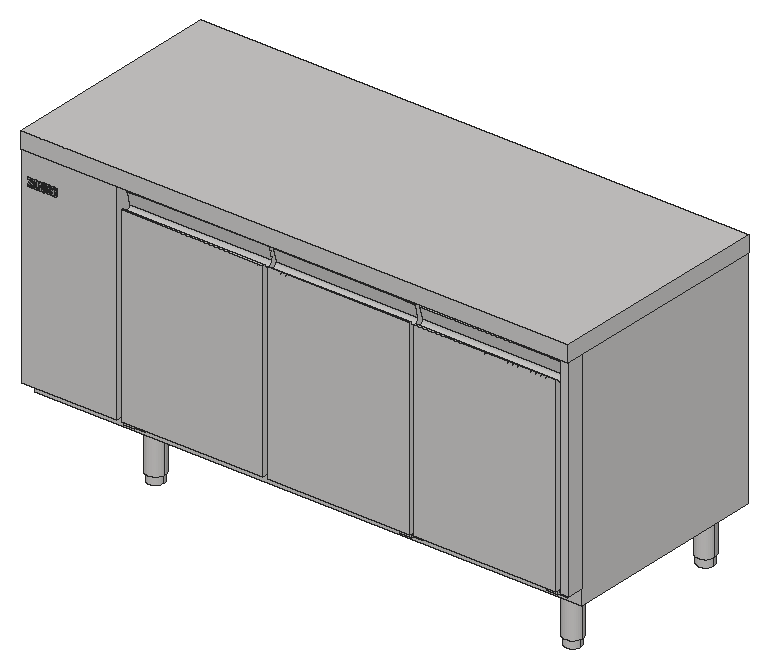
Revit family "QF_ZANUSSI_111113_ZK3HBAAA", category Attrezzature speciali, Revit 2018 (continued)
Definition of nested family "HPC_ZAN_BI_TN_L"
  Lines and regions (mm)
    Split face 119
      outline origin (110, -951.3, 50) x (1, 0, 0) y (0, 1, 0)
        loop
          line (-218.464, 599.474) -> (-176.464, 599.474)
          arc (-176.464, 599.474) -> (-172.464, 603.474) -> (-176.464, 607.474) r 4
          line (-176.464, 607.474) -> (-218.464, 607.474)
    Split face 120
      outline origin (220, -951.3, 50) x (1, 0, 0) y (0, 1, 0)
        loop
          arc (-273.464, 607.474) -> (-277.464, 603.474) -> (-273.464, 599.474) r 4
          line (-273.464, 599.474) -> (-231.464, 599.474)
          arc (-231.464, 599.474) -> (-227.464, 603.474) -> (-231.464, 607.474) r 4
          line (-231.464, 607.474) -> (-273.464, 607.474)
    Split face 121
      outline origin (0, -975.3, 50) x (1, 0, 0) y (0, 1, 0)
        loop
          arc (-163.464, 619.474) -> (-167.464, 615.474) -> (-163.464, 611.474) r 4
          line (-163.464, 611.474) -> (-121.464, 611.474)
          arc (-121.464, 611.474) -> (-117.464, 615.474) -> (-121.464, 619.474) r 4
          line (-121.464, 619.474) -> (-163.464, 619.474)
    Split face 122
      outline origin (330, -975.3, 50) x (1, 0, 0) y (0, 1, 0)
        loop
          arc (-328.464, 619.474) -> (-332.464, 615.474) -> (-328.464, 611.474) r 4
          line (-328.464, 611.474) -> (-286.464, 611.474)
          arc (-286.464, 611.474) -> (-282.464, 615.474) -> (-286.464, 619.474) r 4
          line (-286.464, 619.474) -> (-328.464, 619.474)
    Split face 123
      outline origin (110, -975.3, 50) x (1, 0, 0) y (0, 1, 0)
        loop
          arc (-218.464, 619.474) -> (-222.464, 615.474) -> (-218.464, 611.474) r 4
          line (-218.464, 611.474) -> (-176.464, 611.474)
          arc (-176.464, 611.474) -> (-172.464, 615.474) -> (-176.464, 619.474) r 4
          line (-176.464, 619.474) -> (-218.464, 619.474)
    Split face 124
      outline origin (220, -975.3, 50) x (1, 0, 0) y (0, 1, 0)
        loop
          arc (-273.464, 619.474) -> (-277.464, 615.474) -> (-273.464, 611.474) r 4
          line (-273.464, 611.474) -> (-231.464, 611.474)
          arc (-231.464, 611.474) -> (-227.464, 615.474) -> (-231.464, 619.474) r 4
          line (-231.464, 619.474) -> (-273.464, 619.474)
    Split face 125
      outline origin (0, -999.3, 50) x (1, 0, 0) y (0, 1, 0)
        loop
          arc (-163.464, 631.474) -> (-167.464, 627.474) -> (-163.464, 623.474) r 4
          line (-163.464, 623.474) -> (-121.464, 623.474)
          arc (-121.464, 623.474) -> (-117.464, 627.474) -> (-121.464, 631.474) r 4
          line (-121.464, 631.474) -> (-163.464, 631.474)
    Split face 126
      outline origin (330, -999.3, 50) x (1, 0, 0) y (0, 1, 0)
        loop
          arc (-328.464, 631.474) -> (-332.464, 627.474) -> (-328.464, 623.474) r 4
          line (-328.464, 623.474) -> (-286.464, 623.474)
          arc (-286.464, 623.474) -> (-282.464, 627.474) -> (-286.464, 631.474) r 4
          line (-286.464, 631.474) -> (-328.464, 631.474)
    Split face 127
      outline origin (110, -999.3, 50) x (1, 0, 0) y (0, 1, 0)
        loop
          arc (-218.464, 631.474) -> (-222.464, 627.474) -> (-218.464, 623.474) r 4
          line (-218.464, 623.474) -> (-176.464, 623.474)
          arc (-176.464, 623.474) -> (-172.464, 627.474) -> (-176.464, 631.474) r 4
          line (-176.464, 631.474) -> (-218.464, 631.474)
    Split face 128
      outline origin (220, -999.3, 50) x (1, 0, 0) y (0, 1, 0)
        loop
          arc (-273.464, 631.474) -> (-277.464, 627.474) -> (-273.464, 623.474) r 4
          line (-273.464, 623.474) -> (-231.464, 623.474)
          arc (-231.464, 623.474) -> (-227.464, 627.474) -> (-231.464, 631.474) r 4
          line (-231.464, 631.474) -> (-273.464, 631.474)
    Split face 129
      outline origin (0, -1023.3, 50) x (1, 0, 0) y (0, 1, 0)
        loop
          arc (-163.464, 643.474) -> (-167.464, 639.474) -> (-163.464, 635.474) r 4
          line (-163.464, 635.474) -> (-121.464, 635.474)
          arc (-121.464, 635.474) -> (-117.464, 639.474) -> (-121.464, 643.474) r 4
          line (-121.464, 643.474) -> (-163.464, 643.474)
    Split face 130
      outline origin (330, -1023.3, 50) x (1, 0, 0) y (0, 1, 0)
        loop
          arc (-328.464, 643.474) -> (-332.464, 639.474) -> (-328.464, 635.474) r 4
          line (-328.464, 635.474) -> (-286.464, 635.474)
          arc (-286.464, 635.474) -> (-282.464, 639.474) -> (-286.464, 643.474) r 4
          line (-286.464, 643.474) -> (-328.464, 643.474)
    Split face 131
      outline origin (110, -1023.3, 50) x (1, 0, 0) y (0, 1, 0)
        loop
          arc (-218.464, 643.474) -> (-222.464, 639.474) -> (-218.464, 635.474) r 4
          line (-218.464, 635.474) -> (-176.464, 635.474)
          arc (-176.464, 635.474) -> (-172.464, 639.474) -> (-176.464, 643.474) r 4
          line (-176.464, 643.474) -> (-218.464, 643.474)
    Split face 132
      outline origin (220, -1023.3, 50) x (1, 0, 0) y (0, 1, 0)
        loop
          arc (-273.464, 643.474) -> (-277.464, 639.474) -> (-273.464, 635.474) r 4
          line (-273.464, 635.474) -> (-231.464, 635.474)
          arc (-231.464, 635.474) -> (-227.464, 639.474) -> (-231.464, 643.474) r 4
          line (-231.464, 643.474) -> (-273.464, 643.474)
    Split face 133
      outline origin (0, 0, 50) x (1, 0, 0) y (0, 1, 0)
        loop
          arc (-110.805, 143) -> (-91.516, 151.543) -> (-75.866, 165.689) r 66.613
          arc (-75.866, 165.689) -> (-71.555, 176.578) -> (-74.139, 188) r 19.83
    Split face 134
      outline origin (0, 0, 50) x (1, 0, 0) y (0, 1, 0)
        loop
          arc (-98.775, 143) -> (-84.812, 152.003) -> (-73.538, 164.208) r 66.007
          arc (-73.538, 164.208) -> (-69.563, 175.991) -> (-72.794, 188) r 21.447
    Split face 135
      outline origin (0, 0, 50) x (1, 0, 0) y (0, 1, 0)
        loop
          line (41.58, 174) -> (41.58, 166.5) -> (49.08, 166.5) -> (49.08, 174) -> (41.58, 174)
    Split face 136
      outline origin (0, 0, 50) x (1, 0, 0) y (0, 1, 0)
        loop
          line (32.08, 174) -> (32.08, 166.5) -> (39.58, 166.5) -> (39.58, 174) -> (32.08, 174)
    Split face 137
      outline origin (0, 0, 50) x (1, 0, 0) y (0, 1, 0)
        loop
          line (32.08, 164.5) -> (32.08, 157) -> (39.58, 157) -> (39.58, 164.5) -> (32.08, 164.5)
    Split face 138
      outline origin (9.5, 0, 50) x (1, 0, 0) y (0, 1, 0)
        loop
          line (32.08, 164.5) -> (32.08, 157) -> (39.58, 157) -> (39.58, 164.5) -> (32.08, 164.5)
    Split face 139
      outline origin (0, 0, 50) x (1, 0, 0) y (0, 1, 0)
        loop
          line (-14.92, 174) -> (-14.92, 157) -> (25.08, 157) -> (25.08, 174) -> (-14.92, 174)
    symbolic lines
      curve 1: line (87.08, -74, 50) -> (87.08, -74, 0)
  Dimensions and locks
    equal spacing: plane 6, plane 1 "Center (Front/Back)", plane 7
    equal spacing: plane 4, plane 3 "Center (Left/Right)", plane 5
    aligned and locked: plane 2 to Extrusion 1
    aligned and locked: level to Extrusion 1
  Automatic sketch dimensions
    Split face 7 sketch curve to Split face 7 sketch curve = 42 mm
    Split face 7 sketch curve to Split face 7 sketch curve = 4 mm
    Extrusion 1 sketch curve to Extrusion 1 sketch curve = 2438.4 mm  (x2)
    Extrusion 2 sketch curve to plane 4 = 0 mm
    Extrusion 2 sketch curve to plane 5 = 0 mm
    Extrusion 2 sketch curve to plane 7 = 0 mm
    Extrusion 2 sketch curve to plane 6 = 0 mm
    Split face 1 sketch curve to Extrusion 2 = 105 mm
    Split face 1 sketch curve to Extrusion 2 = 35 mm
    Split face 1 sketch curve to Extrusion 2 = 98 mm
    Split face 1 sketch curve to Split face 1 sketch curve = 23 mm
    Split face 2 sketch curve to Extrusion 2 = 0 mm  (x2)
    Split face 2 sketch curve to Extrusion 2 = 64 mm
    Split face 3 sketch curve to Extrusion 2 = 43.456 mm
    Split face 3 sketch curve to Split face 3 sketch curve = 42 mm
    Split face 3 sketch curve to Extrusion 2 = 128.176 mm
    Split face 3 sketch curve to Split face 3 sketch curve = 4 mm
    Split face 4 sketch curve to Extrusion 2 = 85.544 mm
    Split face 4 sketch curve to Split face 4 sketch curve = 42 mm
    Split face 4 sketch curve to Extrusion 2 = 128.176 mm
    Split face 4 sketch curve to Split face 4 sketch curve = 4 mm
    Split face 5 sketch curve to Extrusion 2 = 98.456 mm
    Split face 5 sketch curve to Split face 5 sketch curve = 42 mm
    Split face 5 sketch curve to Extrusion 2 = 128.176 mm
    Split face 5 sketch curve to Split face 5 sketch curve = 4 mm
    Split face 6 sketch curve to Extrusion 2 = 140.544 mm
    Split face 6 sketch curve to Split face 6 sketch curve = 42 mm
    Split face 6 sketch curve to Extrusion 2 = 128.176 mm
    Split face 6 sketch curve to Split face 6 sketch curve = 4 mm
    Extrusion 3 sketch curve to Extrusion 3 sketch curve = 294 mm
    Extrusion 3 sketch curve to Extrusion 3 sketch curve = 652 mm
    Split face 8 sketch curve to Extrusion 2 = 43.456 mm
    Split face 8 sketch curve to Split face 8 sketch curve = 42 mm
    Split face 8 sketch curve to Extrusion 2 = 140.176 mm
    Split face 8 sketch curve to Split face 8 sketch curve = 4 mm
    Split face 9 sketch curve to Extrusion 2 = 85.544 mm
    Split face 9 sketch curve to Split face 9 sketch curve = 42 mm
    Split face 9 sketch curve to Extrusion 2 = 140.176 mm
    Split face 9 sketch curve to Split face 9 sketch curve = 4 mm
    Split face 10 sketch curve to Extrusion 2 = 98.456 mm
    Split face 10 sketch curve to Split face 10 sketch curve = 42 mm
    Split face 10 sketch curve to Extrusion 2 = 140.176 mm
    Split face 10 sketch curve to Split face 10 sketch curve = 4 mm
    Split face 11 sketch curve to Extrusion 2 = 140.544 mm
    Split face 11 sketch curve to Split face 11 sketch curve = 42 mm
    Split face 11 sketch curve to Extrusion 2 = 140.176 mm
    Split face 11 sketch curve to Split face 11 sketch curve = 4 mm
    Split face 12 sketch curve to Extrusion 2 = 43.456 mm
    Split face 12 sketch curve to Split face 12 sketch curve = 42 mm
    Split face 12 sketch curve to Extrusion 2 = 152.176 mm
    Split face 12 sketch curve to Split face 12 sketch curve = 4 mm
    Split face 13 sketch curve to Extrusion 2 = 85.544 mm
    Split face 13 sketch curve to Split face 13 sketch curve = 42 mm
    Split face 13 sketch curve to Extrusion 2 = 152.176 mm
    Split face 13 sketch curve to Split face 13 sketch curve = 4 mm
    Split face 14 sketch curve to Extrusion 2 = 98.456 mm
    Split face 14 sketch curve to Split face 14 sketch curve = 42 mm
    Split face 14 sketch curve to Extrusion 2 = 152.176 mm
    Split face 14 sketch curve to Split face 14 sketch curve = 4 mm
    Split face 15 sketch curve to Extrusion 2 = 140.544 mm
    Split face 15 sketch curve to Split face 15 sketch curve = 42 mm
    Split face 15 sketch curve to Extrusion 2 = 152.176 mm
    Split face 15 sketch curve to Split face 15 sketch curve = 4 mm
    Split face 16 sketch curve to Extrusion 2 = 43.456 mm
    Split face 16 sketch curve to Split face 16 sketch curve = 42 mm
    Split face 16 sketch curve to Extrusion 2 = 164.176 mm
    Split face 16 sketch curve to Split face 16 sketch curve = 4 mm
    Split face 17 sketch curve to Extrusion 2 = 85.544 mm
    Split face 17 sketch curve to Split face 17 sketch curve = 42 mm
    Split face 17 sketch curve to Extrusion 2 = 164.176 mm
    Split face 17 sketch curve to Split face 17 sketch curve = 4 mm
    Split face 18 sketch curve to Extrusion 2 = 98.456 mm
    Split face 18 sketch curve to Split face 18 sketch curve = 42 mm
    Split face 18 sketch curve to Extrusion 2 = 164.176 mm
    Split face 18 sketch curve to Split face 18 sketch curve = 4 mm
    Split face 19 sketch curve to Extrusion 2 = 140.544 mm
    Split face 19 sketch curve to Split face 19 sketch curve = 42 mm
    Split face 19 sketch curve to Extrusion 2 = 164.176 mm
    Split face 19 sketch curve to Split face 19 sketch curve = 4 mm
    Split face 20 sketch curve to Extrusion 2 = 43.456 mm
    Split face 20 sketch curve to Split face 20 sketch curve = 42 mm
    Split face 20 sketch curve to Extrusion 2 = 176.176 mm
    Split face 20 sketch curve to Split face 20 sketch curve = 4 mm
    Split face 21 sketch curve to Extrusion 2 = 85.544 mm
    Split face 21 sketch curve to Split face 21 sketch curve = 42 mm
    Split face 21 sketch curve to Extrusion 2 = 176.176 mm
    Split face 21 sketch curve to Split face 21 sketch curve = 4 mm
    Split face 22 sketch curve to Extrusion 2 = 98.456 mm
    Split face 22 sketch curve to Split face 22 sketch curve = 42 mm
    Split face 22 sketch curve to Extrusion 2 = 176.176 mm
    Split face 22 sketch curve to Split face 22 sketch curve = 4 mm
    Split face 23 sketch curve to Extrusion 2 = 140.544 mm
    Split face 23 sketch curve to Split face 23 sketch curve = 42 mm
    Split face 23 sketch curve to Extrusion 2 = 176.176 mm
    Split face 23 sketch curve to Split face 23 sketch curve = 4 mm
    Split face 24 sketch curve to Extrusion 2 = 43.456 mm
    Split face 24 sketch curve to Split face 24 sketch curve = 42 mm
    Split face 24 sketch curve to Extrusion 2 = 188.176 mm
    Split face 24 sketch curve to Split face 24 sketch curve = 4 mm
    Split face 25 sketch curve to Extrusion 2 = 85.544 mm
    Split face 25 sketch curve to Split face 25 sketch curve = 42 mm
    Split face 25 sketch curve to Extrusion 2 = 188.176 mm
    Split face 25 sketch curve to Split face 25 sketch curve = 4 mm
    Split face 26 sketch curve to Extrusion 2 = 98.456 mm
    Split face 26 sketch curve to Split face 26 sketch curve = 42 mm
    Split face 26 sketch curve to Extrusion 2 = 188.176 mm
    Split face 26 sketch curve to Split face 26 sketch curve = 4 mm
    Split face 27 sketch curve to Extrusion 2 = 140.544 mm
    Split face 27 sketch curve to Split face 27 sketch curve = 42 mm
    Split face 27 sketch curve to Extrusion 2 = 188.176 mm
    Split face 27 sketch curve to Split face 27 sketch curve = 4 mm
    Split face 28 sketch curve to Extrusion 2 = 43.456 mm
    Split face 28 sketch curve to Split face 28 sketch curve = 42 mm
    Split face 28 sketch curve to Extrusion 2 = 200.176 mm
    Split face 28 sketch curve to Split face 28 sketch curve = 4 mm
    Split face 29 sketch curve to Extrusion 2 = 85.544 mm
    Split face 29 sketch curve to Split face 29 sketch curve = 42 mm
    Split face 29 sketch curve to Extrusion 2 = 200.176 mm
    Split face 29 sketch curve to Split face 29 sketch curve = 4 mm
    Split face 30 sketch curve to Extrusion 2 = 98.456 mm
    Split face 30 sketch curve to Split face 30 sketch curve = 42 mm
    Split face 30 sketch curve to Extrusion 2 = 200.176 mm
    Split face 30 sketch curve to Split face 30 sketch curve = 4 mm
    Split face 31 sketch curve to Extrusion 2 = 140.544 mm
    Split face 31 sketch curve to Split face 31 sketch curve = 42 mm
    Split face 31 sketch curve to Extrusion 2 = 200.176 mm
    Split face 31 sketch curve to Split face 31 sketch curve = 4 mm
    Split face 32 sketch curve to Extrusion 2 = 43.456 mm
    Split face 32 sketch curve to Split face 32 sketch curve = 42 mm
    Split face 32 sketch curve to Extrusion 2 = 212.176 mm
    Split face 32 sketch curve to Split face 32 sketch curve = 4 mm
    Split face 33 sketch curve to Extrusion 2 = 85.544 mm
    Split face 33 sketch curve to Split face 33 sketch curve = 42 mm
    Split face 33 sketch curve to Extrusion 2 = 212.176 mm
    Split face 33 sketch curve to Split face 33 sketch curve = 4 mm
    Split face 34 sketch curve to Extrusion 2 = 98.456 mm
    Split face 34 sketch curve to Split face 34 sketch curve = 42 mm
    Split face 34 sketch curve to Extrusion 2 = 212.176 mm
    Split face 34 sketch curve to Split face 34 sketch curve = 4 mm
    Split face 35 sketch curve to Extrusion 2 = 140.544 mm
    Split face 35 sketch curve to Split face 35 sketch curve = 42 mm
    Split face 35 sketch curve to Extrusion 2 = 212.176 mm
    Split face 35 sketch curve to Split face 35 sketch curve = 4 mm
    Split face 36 sketch curve to Extrusion 2 = 43.456 mm
    Split face 36 sketch curve to Split face 36 sketch curve = 42 mm
    Split face 36 sketch curve to Extrusion 2 = 224.176 mm
    Split face 36 sketch curve to Split face 36 sketch curve = 4 mm
    Split face 37 sketch curve to Extrusion 2 = 85.544 mm
    Split face 37 sketch curve to Split face 37 sketch curve = 42 mm
    Split face 37 sketch curve to Extrusion 2 = 224.176 mm
    Split face 37 sketch curve to Split face 37 sketch curve = 4 mm
    Split face 38 sketch curve to Extrusion 2 = 98.456 mm
    Split face 38 sketch curve to Split face 38 sketch curve = 42 mm
    Split face 38 sketch curve to Extrusion 2 = 224.176 mm
    Split face 38 sketch curve to Split face 38 sketch curve = 4 mm
    Split face 39 sketch curve to Extrusion 2 = 140.544 mm
    Split face 39 sketch curve to Split face 39 sketch curve = 42 mm
    Split face 39 sketch curve to Extrusion 2 = 224.176 mm
    Split face 39 sketch curve to Split face 39 sketch curve = 4 mm
    Split face 40 sketch curve to Extrusion 2 = 43.456 mm
    Split face 40 sketch curve to Split face 40 sketch curve = 42 mm
    Split face 40 sketch curve to Extrusion 2 = 236.176 mm
    Split face 40 sketch curve to Split face 40 sketch curve = 4 mm
    Split face 41 sketch curve to Extrusion 2 = 85.544 mm
    Split face 41 sketch curve to Split face 41 sketch curve = 42 mm
    Split face 41 sketch curve to Extrusion 2 = 236.176 mm
    Split face 41 sketch curve to Split face 41 sketch curve = 4 mm
    Split face 42 sketch curve to Extrusion 2 = 98.456 mm
    Split face 42 sketch curve to Split face 42 sketch curve = 42 mm
    Split face 42 sketch curve to Extrusion 2 = 236.176 mm
    Split face 42 sketch curve to Split face 42 sketch curve = 4 mm
    Split face 43 sketch curve to Extrusion 2 = 140.544 mm
    Split face 43 sketch curve to Split face 43 sketch curve = 42 mm
    Split face 43 sketch curve to Extrusion 2 = 236.176 mm
    Split face 43 sketch curve to Split face 43 sketch curve = 4 mm
    Split face 44 sketch curve to Extrusion 2 = 43.456 mm
    Split face 44 sketch curve to Split face 44 sketch curve = 42 mm
    Split face 44 sketch curve to Extrusion 2 = 248.176 mm
    Split face 44 sketch curve to Split face 44 sketch curve = 4 mm
    Split face 45 sketch curve to Extrusion 2 = 85.544 mm
    Split face 45 sketch curve to Split face 45 sketch curve = 42 mm
    Split face 45 sketch curve to Extrusion 2 = 248.176 mm
    Split face 45 sketch curve to Split face 45 sketch curve = 4 mm
    Split face 46 sketch curve to Extrusion 2 = 98.456 mm
    Split face 46 sketch curve to Split face 46 sketch curve = 42 mm
    Split face 46 sketch curve to Extrusion 2 = 248.176 mm
    Split face 46 sketch curve to Split face 46 sketch curve = 4 mm
    Split face 47 sketch curve to Extrusion 2 = 140.544 mm
    Split face 47 sketch curve to Split face 47 sketch curve = 42 mm
    Split face 47 sketch curve to Extrusion 2 = 248.176 mm
    Split face 47 sketch curve to Split face 47 sketch curve = 4 mm
    Split face 48 sketch curve to Extrusion 2 = 43.456 mm
    Split face 48 sketch curve to Split face 48 sketch curve = 42 mm
    Split face 48 sketch curve to Extrusion 2 = 260.176 mm
    Split face 48 sketch curve to Split face 48 sketch curve = 4 mm
    Split face 49 sketch curve to Extrusion 2 = 85.544 mm
    Split face 49 sketch curve to Split face 49 sketch curve = 42 mm
    Split face 49 sketch curve to Extrusion 2 = 260.176 mm
    Split face 49 sketch curve to Split face 49 sketch curve = 4 mm
    Split face 50 sketch curve to Extrusion 2 = 98.456 mm
    Split face 50 sketch curve to Split face 50 sketch curve = 42 mm
    Split face 50 sketch curve to Extrusion 2 = 260.176 mm
    Split face 50 sketch curve to Split face 50 sketch curve = 4 mm
    Split face 51 sketch curve to Extrusion 2 = 140.544 mm
    Split face 51 sketch curve to Split face 51 sketch curve = 42 mm
    Split face 51 sketch curve to Extrusion 2 = 260.176 mm
    Split face 51 sketch curve to Split face 51 sketch curve = 4 mm
    Split face 52 sketch curve to Extrusion 2 = 43.456 mm
    Split face 52 sketch curve to Split face 52 sketch curve = 42 mm
    Split face 52 sketch curve to Extrusion 2 = 272.176 mm
    Split face 52 sketch curve to Split face 52 sketch curve = 4 mm
    Split face 53 sketch curve to Extrusion 2 = 85.544 mm
    Split face 53 sketch curve to Split face 53 sketch curve = 42 mm
    Split face 53 sketch curve to Extrusion 2 = 272.176 mm
    Split face 53 sketch curve to Split face 53 sketch curve = 4 mm
    Split face 54 sketch curve to Extrusion 2 = 98.456 mm
    Split face 54 sketch curve to Split face 54 sketch curve = 42 mm
    Split face 54 sketch curve to Extrusion 2 = 272.176 mm
    Split face 54 sketch curve to Split face 54 sketch curve = 4 mm
    Split face 55 sketch curve to Extrusion 2 = 140.544 mm
    Split face 55 sketch curve to Split face 55 sketch curve = 42 mm
    Split face 55 sketch curve to Extrusion 2 = 272.176 mm
    Split face 55 sketch curve to Split face 55 sketch curve = 4 mm
    Split face 56 sketch curve to Extrusion 2 = 43.456 mm
    Split face 56 sketch curve to Split face 56 sketch curve = 42 mm
    Split face 56 sketch curve to Extrusion 2 = 284.176 mm
    Split face 56 sketch curve to Split face 56 sketch curve = 4 mm
    Split face 57 sketch curve to Extrusion 2 = 85.544 mm
    Split face 57 sketch curve to Split face 57 sketch curve = 42 mm
    Split face 57 sketch curve to Extrusion 2 = 284.176 mm
    Split face 57 sketch curve to Split face 57 sketch curve = 4 mm
    Split face 58 sketch curve to Extrusion 2 = 98.456 mm
    Split face 58 sketch curve to Split face 58 sketch curve = 42 mm
    Split face 58 sketch curve to Extrusion 2 = 284.176 mm
    Split face 58 sketch curve to Split face 58 sketch curve = 4 mm
    Split face 59 sketch curve to Extrusion 2 = 140.544 mm
    Split face 59 sketch curve to Split face 59 sketch curve = 42 mm
    Split face 59 sketch curve to Extrusion 2 = 284.176 mm
    Split face 59 sketch curve to Split face 59 sketch curve = 4 mm
    Split face 60 sketch curve to Extrusion 2 = 43.456 mm
    Split face 60 sketch curve to Split face 60 sketch curve = 42 mm
    Split face 60 sketch curve to Extrusion 2 = 296.176 mm
    Split face 60 sketch curve to Split face 60 sketch curve = 4 mm
    Split face 61 sketch curve to Extrusion 2 = 85.544 mm
    Split face 61 sketch curve to Split face 61 sketch curve = 42 mm
    Split face 61 sketch curve to Extrusion 2 = 296.176 mm
    Split face 61 sketch curve to Split face 61 sketch curve = 4 mm
    Split face 62 sketch curve to Extrusion 2 = 98.456 mm
    Split face 62 sketch curve to Split face 62 sketch curve = 42 mm
    Split face 62 sketch curve to Extrusion 2 = 296.176 mm
    Split face 62 sketch curve to Split face 62 sketch curve = 4 mm
    Split face 63 sketch curve to Extrusion 2 = 140.544 mm
    Split face 63 sketch curve to Split face 63 sketch curve = 42 mm
    Split face 63 sketch curve to Extrusion 2 = 296.176 mm
    Split face 63 sketch curve to Split face 63 sketch curve = 4 mm
    Split face 64 sketch curve to Extrusion 2 = 43.456 mm
    Split face 64 sketch curve to Split face 64 sketch curve = 42 mm
    Split face 64 sketch curve to Extrusion 2 = 308.176 mm
    Split face 64 sketch curve to Split face 64 sketch curve = 4 mm
    Split face 65 sketch curve to Extrusion 2 = 85.544 mm
    Split face 65 sketch curve to Split face 65 sketch curve = 42 mm
    Split face 65 sketch curve to Extrusion 2 = 308.176 mm
    Split face 65 sketch curve to Split face 65 sketch curve = 4 mm
    Split face 66 sketch curve to Extrusion 2 = 98.456 mm
    Split face 66 sketch curve to Split face 66 sketch curve = 42 mm
    Split face 66 sketch curve to Extrusion 2 = 308.176 mm
    Split face 66 sketch curve to Split face 66 sketch curve = 4 mm
    Split face 67 sketch curve to Extrusion 2 = 140.544 mm
    Split face 67 sketch curve to Split face 67 sketch curve = 42 mm
    Split face 67 sketch curve to Extrusion 2 = 308.176 mm
    Split face 67 sketch curve to Split face 67 sketch curve = 4 mm
    Split face 68 sketch curve to Extrusion 2 = 0 mm  (x2)
    Split face 68 sketch curve to Extrusion 2 = 109 mm
    Split face 69 sketch curve to Extrusion 2 = 43.456 mm
    Split face 69 sketch curve to Split face 69 sketch curve = 42 mm
    Split face 69 sketch curve to Extrusion 2 = 192.174 mm
    Split face 69 sketch curve to Split face 69 sketch curve = 4 mm
    Split face 70 sketch curve to Extrusion 2 = 85.544 mm
    Split face 70 sketch curve to Split face 70 sketch curve = 42 mm
    Split face 70 sketch curve to Extrusion 2 = 192.174 mm
    Split face 70 sketch curve to Split face 70 sketch curve = 4 mm
    Split face 71 sketch curve to Extrusion 2 = 98.456 mm
    Split face 71 sketch curve to Split face 71 sketch curve = 42 mm
    Split face 71 sketch curve to Extrusion 2 = 192.174 mm
    Split face 71 sketch curve to Split face 71 sketch curve = 4 mm
    Split face 72 sketch curve to Extrusion 2 = 140.544 mm
    Split face 72 sketch curve to Split face 72 sketch curve = 42 mm
    Split face 72 sketch curve to Extrusion 2 = 192.174 mm
    Split face 72 sketch curve to Split face 72 sketch curve = 4 mm
    Split face 73 sketch curve to Extrusion 2 = 43.456 mm
    Split face 73 sketch curve to Split face 73 sketch curve = 42 mm
    Split face 73 sketch curve to Extrusion 2 = 180.174 mm
    Split face 73 sketch curve to Split face 73 sketch curve = 4 mm
    Split face 74 sketch curve to Extrusion 2 = 85.544 mm
    Split face 74 sketch curve to Split face 74 sketch curve = 42 mm
    Split face 74 sketch curve to Extrusion 2 = 180.174 mm
    Split face 74 sketch curve to Split face 74 sketch curve = 4 mm
    Split face 75 sketch curve to Extrusion 2 = 98.456 mm
    Split face 75 sketch curve to Split face 75 sketch curve = 42 mm
    Split face 75 sketch curve to Extrusion 2 = 180.174 mm
    Split face 75 sketch curve to Split face 75 sketch curve = 4 mm
    Split face 76 sketch curve to Extrusion 2 = 140.544 mm
    Split face 76 sketch curve to Split face 76 sketch curve = 42 mm
    Split face 76 sketch curve to Extrusion 2 = 180.174 mm
    Split face 76 sketch curve to Split face 76 sketch curve = 4 mm
    Split face 77 sketch curve to Extrusion 2 = 43.456 mm
    Split face 77 sketch curve to Split face 77 sketch curve = 42 mm
    Split face 77 sketch curve to Extrusion 2 = 168.174 mm
    Split face 77 sketch curve to Split face 77 sketch curve = 4 mm
    Split face 78 sketch curve to Extrusion 2 = 85.544 mm
    Split face 78 sketch curve to Split face 78 sketch curve = 42 mm
    Split face 78 sketch curve to Extrusion 2 = 168.174 mm
    Split face 78 sketch curve to Split face 78 sketch curve = 4 mm
    Split face 79 sketch curve to Extrusion 2 = 98.456 mm
    Split face 79 sketch curve to Split face 79 sketch curve = 42 mm
    Split face 79 sketch curve to Extrusion 2 = 168.174 mm
    Split face 79 sketch curve to Split face 79 sketch curve = 4 mm
    Split face 80 sketch curve to Extrusion 2 = 140.544 mm
    Split face 80 sketch curve to Split face 80 sketch curve = 42 mm
    Split face 80 sketch curve to Extrusion 2 = 168.174 mm
    Split face 80 sketch curve to Split face 80 sketch curve = 4 mm
    Split face 81 sketch curve to Extrusion 2 = 43.456 mm
    Split face 81 sketch curve to Split face 81 sketch curve = 42 mm
    Split face 81 sketch curve to Extrusion 2 = 156.174 mm
    Split face 81 sketch curve to Split face 81 sketch curve = 4 mm
    Split face 82 sketch curve to Extrusion 2 = 85.544 mm
    Split face 82 sketch curve to Split face 82 sketch curve = 42 mm
    Split face 82 sketch curve to Extrusion 2 = 156.174 mm
    Split face 82 sketch curve to Split face 82 sketch curve = 4 mm
    Split face 83 sketch curve to Extrusion 2 = 98.456 mm
    Split face 83 sketch curve to Split face 83 sketch curve = 42 mm
    Split face 83 sketch curve to Extrusion 2 = 156.174 mm
    Split face 83 sketch curve to Split face 83 sketch curve = 4 mm
    Split face 84 sketch curve to Extrusion 2 = 140.544 mm
    Split face 84 sketch curve to Split face 84 sketch curve = 42 mm
    Split face 84 sketch curve to Extrusion 2 = 156.174 mm
    Split face 84 sketch curve to Split face 84 sketch curve = 4 mm
    Split face 85 sketch curve to Extrusion 2 = 43.456 mm
    Split face 85 sketch curve to Split face 85 sketch curve = 42 mm
    Split face 85 sketch curve to Extrusion 2 = 144.174 mm
    Split face 85 sketch curve to Split face 85 sketch curve = 4 mm
    Split face 86 sketch curve to Extrusion 2 = 85.544 mm
    Split face 86 sketch curve to Split face 86 sketch curve = 42 mm
    Split face 86 sketch curve to Extrusion 2 = 144.174 mm
    Split face 86 sketch curve to Split face 86 sketch curve = 4 mm
    Split face 87 sketch curve to Extrusion 2 = 98.456 mm
    Split face 87 sketch curve to Split face 87 sketch curve = 42 mm
    Split face 87 sketch curve to Extrusion 2 = 144.174 mm
    Split face 87 sketch curve to Split face 87 sketch curve = 4 mm
    Split face 88 sketch curve to Extrusion 2 = 140.544 mm
    Split face 88 sketch curve to Split face 88 sketch curve = 42 mm
    Split face 88 sketch curve to Extrusion 2 = 144.174 mm
    Split face 88 sketch curve to Split face 88 sketch curve = 4 mm
    Split face 89 sketch curve to Extrusion 2 = 43.456 mm
    Split face 89 sketch curve to Split face 89 sketch curve = 42 mm
    Split face 89 sketch curve to Extrusion 2 = 132.174 mm
    Split face 89 sketch curve to Split face 89 sketch curve = 4 mm
    Split face 90 sketch curve to Extrusion 2 = 85.544 mm
    Split face 90 sketch curve to Split face 90 sketch curve = 42 mm
    Split face 90 sketch curve to Extrusion 2 = 132.174 mm
    Split face 90 sketch curve to Split face 90 sketch curve = 4 mm
    Split face 91 sketch curve to Extrusion 2 = 98.456 mm
    Split face 91 sketch curve to Split face 91 sketch curve = 42 mm
    Split face 91 sketch curve to Extrusion 2 = 132.174 mm
    Split face 91 sketch curve to Split face 91 sketch curve = 4 mm
    Split face 92 sketch curve to Extrusion 2 = 140.544 mm
    Split face 92 sketch curve to Split face 92 sketch curve = 42 mm
    Split face 92 sketch curve to Extrusion 2 = 132.174 mm
    Split face 92 sketch curve to Split face 92 sketch curve = 4 mm
    Split face 93 sketch curve to Extrusion 2 = 43.456 mm
    Split face 93 sketch curve to Split face 93 sketch curve = 42 mm
    Split face 93 sketch curve to Extrusion 2 = 120.174 mm
    Split face 93 sketch curve to Split face 93 sketch curve = 4 mm
    Split face 94 sketch curve to Extrusion 2 = 85.544 mm
    Split face 94 sketch curve to Split face 94 sketch curve = 42 mm
    Split face 94 sketch curve to Extrusion 2 = 120.174 mm
    Split face 94 sketch curve to Split face 94 sketch curve = 4 mm
    Split face 95 sketch curve to Extrusion 2 = 98.456 mm
    Split face 95 sketch curve to Split face 95 sketch curve = 42 mm
    Split face 95 sketch curve to Extrusion 2 = 120.174 mm
    Split face 95 sketch curve to Split face 95 sketch curve = 4 mm
    Split face 96 sketch curve to Extrusion 2 = 140.544 mm
    Split face 96 sketch curve to Split face 96 sketch curve = 42 mm
    Split face 96 sketch curve to Extrusion 2 = 120.174 mm
    Split face 96 sketch curve to Split face 96 sketch curve = 4 mm
    Split face 97 sketch curve to Extrusion 2 = 43.456 mm
    Split face 97 sketch curve to Split face 97 sketch curve = 42 mm
    Split face 97 sketch curve to Extrusion 2 = 108.174 mm
    Split face 97 sketch curve to Split face 97 sketch curve = 4 mm
    Split face 98 sketch curve to Extrusion 2 = 85.544 mm
    Split face 98 sketch curve to Split face 98 sketch curve = 42 mm
    Split face 98 sketch curve to Extrusion 2 = 108.174 mm
    Split face 98 sketch curve to Split face 98 sketch curve = 4 mm
    Split face 99 sketch curve to Extrusion 2 = 98.456 mm
    Split face 99 sketch curve to Split face 99 sketch curve = 42 mm
    Split face 99 sketch curve to Extrusion 2 = 108.174 mm
    Split face 99 sketch curve to Split face 99 sketch curve = 4 mm
    Split face 100 sketch curve to Extrusion 2 = 140.544 mm
    Split face 100 sketch curve to Split face 100 sketch curve = 42 mm
    Split face 100 sketch curve to Extrusion 2 = 108.174 mm
    Split face 100 sketch curve to Split face 100 sketch curve = 4 mm
    Split face 101 sketch curve to Extrusion 2 = 43.456 mm
    Split face 101 sketch curve to Split face 101 sketch curve = 42 mm
    Split face 101 sketch curve to Extrusion 2 = 96.174 mm
    Split face 101 sketch curve to Split face 101 sketch curve = 4 mm
    Split face 102 sketch curve to Extrusion 2 = 85.544 mm
    Split face 102 sketch curve to Split face 102 sketch curve = 42 mm
    Split face 102 sketch curve to Extrusion 2 = 96.174 mm
    Split face 102 sketch curve to Split face 102 sketch curve = 4 mm
    Split face 103 sketch curve to Extrusion 2 = 98.456 mm
    Split face 103 sketch curve to Split face 103 sketch curve = 42 mm
    Split face 103 sketch curve to Extrusion 2 = 96.174 mm
    Split face 103 sketch curve to Split face 103 sketch curve = 4 mm
    Split face 104 sketch curve to Extrusion 2 = 140.544 mm
    Split face 104 sketch curve to Split face 104 sketch curve = 42 mm
    Split face 104 sketch curve to Extrusion 2 = 96.174 mm
    Split face 104 sketch curve to Split face 104 sketch curve = 4 mm
    Split face 105 sketch curve to Extrusion 2 = 43.456 mm
    Split face 105 sketch curve to Split face 105 sketch curve = 42 mm
    Split face 105 sketch curve to Extrusion 2 = 84.174 mm
    Split face 105 sketch curve to Split face 105 sketch curve = 4 mm
    Split face 106 sketch curve to Extrusion 2 = 85.544 mm
    Split face 106 sketch curve to Split face 106 sketch curve = 42 mm
    Split face 106 sketch curve to Extrusion 2 = 84.174 mm
    Split face 106 sketch curve to Split face 106 sketch curve = 4 mm
    Split face 107 sketch curve to Extrusion 2 = 98.456 mm
    Split face 107 sketch curve to Split face 107 sketch curve = 42 mm
    Split face 107 sketch curve to Extrusion 2 = 84.174 mm
    Split face 107 sketch curve to Split face 107 sketch curve = 4 mm
    Split face 108 sketch curve to Extrusion 2 = 92.174 mm
    Split face 108 sketch curve to Extrusion 2 = 140.544 mm
    Split face 108 sketch curve to Split face 108 sketch curve = 42 mm
    Split face 108 sketch curve to Split face 108 sketch curve = 4 mm
    Split face 109 sketch curve to Extrusion 2 = 43.456 mm
    Split face 109 sketch curve to Split face 109 sketch curve = 42 mm
    Split face 109 sketch curve to Extrusion 2 = 72.174 mm
    Split face 109 sketch curve to Split face 109 sketch curve = 4 mm
    Split face 110 sketch curve to Extrusion 2 = 85.544 mm
    Split face 110 sketch curve to Split face 110 sketch curve = 42 mm
    Split face 110 sketch curve to Extrusion 2 = 72.174 mm
    Split face 110 sketch curve to Split face 110 sketch curve = 4 mm
    Split face 111 sketch curve to Extrusion 2 = 98.456 mm
    Split face 111 sketch curve to Split face 111 sketch curve = 42 mm
    Split face 111 sketch curve to Extrusion 2 = 72.174 mm
    Split face 111 sketch curve to Split face 111 sketch curve = 4 mm
    Split face 112 sketch curve to Extrusion 2 = 80.174 mm
    Split face 112 sketch curve to Extrusion 2 = 140.544 mm
    Split face 112 sketch curve to Split face 112 sketch curve = 42 mm
    Split face 112 sketch curve to Split face 112 sketch curve = 4 mm
    Split face 113 sketch curve to Extrusion 2 = 43.456 mm
    Split face 113 sketch curve to Split face 113 sketch curve = 42 mm
    Split face 113 sketch curve to Extrusion 2 = 60.174 mm
    Split face 113 sketch curve to Split face 113 sketch curve = 4 mm
    Split face 114 sketch curve to Extrusion 2 = 85.544 mm
    Split face 114 sketch curve to Split face 114 sketch curve = 42 mm
    Split face 114 sketch curve to Extrusion 2 = 60.174 mm
    Split face 114 sketch curve to Split face 114 sketch curve = 4 mm
    Split face 115 sketch curve to Extrusion 2 = 98.456 mm
    Split face 115 sketch curve to Split face 115 sketch curve = 42 mm
    Split face 115 sketch curve to Extrusion 2 = 60.174 mm
    Split face 115 sketch curve to Split face 115 sketch curve = 4 mm
    Split face 116 sketch curve to Extrusion 2 = 68.174 mm
    Split face 116 sketch curve to Extrusion 2 = 140.544 mm
    Split face 116 sketch curve to Split face 116 sketch curve = 42 mm
    Split face 116 sketch curve to Split face 116 sketch curve = 4 mm
    Split face 117 sketch curve to Extrusion 2 = 43.456 mm
    Split face 117 sketch curve to Split face 117 sketch curve = 42 mm
    Split face 117 sketch curve to Extrusion 2 = 48.174 mm
    Split face 117 sketch curve to Split face 117 sketch curve = 4 mm
    Split face 118 sketch curve to Extrusion 2 = 56.174 mm
    Split face 118 sketch curve to Extrusion 2 = 85.544 mm
    Split face 118 sketch curve to Split face 118 sketch curve = 42 mm
    Split face 118 sketch curve to Split face 118 sketch curve = 4 mm
    Split face 119 sketch curve to Extrusion 2 = 56.174 mm
    Split face 119 sketch curve to Extrusion 2 = 98.456 mm
    Split face 119 sketch curve to Split face 119 sketch curve = 42 mm
    Split face 119 sketch curve to Split face 119 sketch curve = 4 mm
    Split face 120 sketch curve to Extrusion 2 = 56.174 mm
    Split face 120 sketch curve to Extrusion 2 = 140.544 mm
    Split face 120 sketch curve to Split face 120 sketch curve = 42 mm
    Split face 120 sketch curve to Split face 120 sketch curve = 4 mm
    Split face 121 sketch curve to Extrusion 2 = 43.456 mm
    Split face 121 sketch curve to Split face 121 sketch curve = 42 mm
    Split face 121 sketch curve to Extrusion 2 = 36.174 mm
    Split face 121 sketch curve to Split face 121 sketch curve = 4 mm
    Split face 122 sketch curve to Extrusion 2 = 44.174 mm
    Split face 122 sketch curve to Extrusion 2 = 85.544 mm
    Split face 122 sketch curve to Split face 122 sketch curve = 42 mm
    Split face 122 sketch curve to Split face 122 sketch curve = 4 mm
    Split face 123 sketch curve to Extrusion 2 = 44.174 mm
    Split face 123 sketch curve to Extrusion 2 = 98.456 mm
    Split face 123 sketch curve to Split face 123 sketch curve = 42 mm
    Split face 123 sketch curve to Split face 123 sketch curve = 4 mm
    Split face 124 sketch curve to Extrusion 2 = 44.174 mm
    Split face 124 sketch curve to Extrusion 2 = 140.544 mm
    Split face 124 sketch curve to Split face 124 sketch curve = 42 mm
    Split face 124 sketch curve to Split face 124 sketch curve = 4 mm
    Split face 125 sketch curve to Extrusion 2 = 43.456 mm
    Split face 125 sketch curve to Split face 125 sketch curve = 42 mm
    Split face 125 sketch curve to Extrusion 2 = 24.174 mm
    Split face 125 sketch curve to Split face 125 sketch curve = 4 mm
    Split face 126 sketch curve to Extrusion 2 = 32.174 mm
    Split face 126 sketch curve to Extrusion 2 = 85.544 mm
    Split face 126 sketch curve to Split face 126 sketch curve = 42 mm
    Split face 126 sketch curve to Split face 126 sketch curve = 4 mm
    Split face 127 sketch curve to Extrusion 2 = 32.174 mm
    Split face 127 sketch curve to Extrusion 2 = 98.456 mm
    Split face 127 sketch curve to Split face 127 sketch curve = 42 mm
    Split face 127 sketch curve to Split face 127 sketch curve = 4 mm
    Split face 128 sketch curve to Extrusion 2 = 32.174 mm
    Split face 128 sketch curve to Extrusion 2 = 140.544 mm
    Split face 128 sketch curve to Split face 128 sketch curve = 42 mm
    Split face 128 sketch curve to Split face 128 sketch curve = 4 mm
    Split face 129 sketch curve to Extrusion 2 = 20.174 mm
    Split face 129 sketch curve to Extrusion 2 = 43.456 mm
    Split face 129 sketch curve to Extrusion 2 = 16.174 mm
    Split face 129 sketch curve to Split face 129 sketch curve = 42 mm
    Split face 130 sketch curve to Extrusion 2 = 20.174 mm
    Split face 130 sketch curve to Extrusion 2 = 85.544 mm
    Split face 130 sketch curve to Extrusion 2 = 16.174 mm
    Split face 130 sketch curve to Split face 130 sketch curve = 42 mm
    Split face 131 sketch curve to Extrusion 2 = 20.174 mm
    Split face 131 sketch curve to Extrusion 2 = 98.456 mm
    Split face 131 sketch curve to Extrusion 2 = 16.174 mm
    Split face 131 sketch curve to Split face 131 sketch curve = 42 mm
    Split face 132 sketch curve to Extrusion 2 = 20.174 mm
    Split face 132 sketch curve to Extrusion 2 = 140.544 mm
    Split face 132 sketch curve to Extrusion 2 = 16.174 mm
    Split face 132 sketch curve to Split face 132 sketch curve = 42 mm
    plane 4 to Extrusion 4 sketch curve = 17.166 mm
    Extrusion 4 sketch curve to Extrusion 4 sketch curve = 0.562 mm
    Extrusion 4 sketch curve to Extrusion 4 sketch curve = 5.406 mm
    Extrusion 4 sketch curve to Extrusion 4 sketch curve = 6.457 mm
    Extrusion 4 sketch curve to Extrusion 4 sketch curve = 5.755 mm
    Extrusion 4 sketch curve to Extrusion 4 sketch curve = 7.368 mm
    Extrusion 4 sketch curve to Extrusion 4 sketch curve = 0.734 mm
    Extrusion 4 sketch curve to Extrusion 4 sketch curve = 5.086 mm
    Extrusion 4 sketch curve to Extrusion 4 sketch curve = 5.054 mm
    Extrusion 4 sketch curve to Extrusion 4 sketch curve = 0.702 mm  (x4)
    Extrusion 4 sketch curve to Extrusion 4 sketch curve = 0.561 mm
    Extrusion 4 sketch curve to Extrusion 4 sketch curve = 3.369 mm  (x2)
    Extrusion 4 sketch curve to Extrusion 4 sketch curve = 2.807 mm
    Extrusion 4 sketch curve to Extrusion 4 sketch curve = 4.071 mm  (x2)
    Extrusion 4 sketch curve to Extrusion 4 sketch curve = 5.053 mm
    Extrusion 4 sketch curve to Extrusion 4 sketch curve = 5.114 mm
    Extrusion 4 sketch curve to Extrusion 4 sketch curve = 4.352 mm  (x2)
    Extrusion 4 sketch curve to Extrusion 4 sketch curve = 5.194 mm
    Extrusion 4 sketch curve to Extrusion 4 sketch curve = 4.913 mm  (x6)
    Extrusion 4 sketch curve to Extrusion 4 sketch curve = 5.334 mm
    Extrusion 4 sketch curve to Extrusion 4 sketch curve = 1.123 mm
    Extrusion 4 sketch curve to Extrusion 4 sketch curve = 1.444 mm
    Extrusion 4 sketch curve to Extrusion 4 sketch curve = 0.094 mm
    Extrusion 4 sketch curve to Extrusion 4 sketch curve = 2.948 mm
    Extrusion 4 sketch curve to Extrusion 4 sketch curve = 1.825 mm
    Extrusion 4 sketch curve to Extrusion 4 sketch curve = 3.004 mm
    Extrusion 4 sketch curve to Extrusion 4 sketch curve = 4.058 mm  (x2)
    Extrusion 4 sketch curve to Extrusion 4 sketch curve = 2.478 mm  (x2)
    Extrusion 4 sketch curve to Extrusion 4 sketch curve = 0.121 mm  (x4)
    Extrusion 4 sketch curve to Extrusion 4 sketch curve = 1.228 mm  (x2)
    Extrusion 4 sketch curve to Extrusion 4 sketch curve = 2.118 mm  (x2)
    Extrusion 4 sketch curve to Extrusion 4 sketch curve = 1.578 mm  (x2)
    Extrusion 4 sketch curve to Extrusion 4 sketch curve = 0.128 mm  (x2)
    Extrusion 4 sketch curve to Extrusion 4 sketch curve = 0.564 mm  (x2)
    Extrusion 4 sketch curve to Extrusion 4 sketch curve = 0.622 mm  (x2)
    Extrusion 4 sketch curve to Extrusion 4 sketch curve = 0.31 mm  (x2)
    Extrusion 4 sketch curve to Extrusion 4 sketch curve = 1.171 mm  (x2)
    Extrusion 4 sketch curve to Extrusion 4 sketch curve = 0.512 mm  (x2)
    Extrusion 4 sketch curve to Extrusion 4 sketch curve = 0.123 mm  (x2)
    Extrusion 4 sketch curve to Extrusion 4 sketch curve = 0.02 mm  (x2)
    Extrusion 4 sketch curve to Extrusion 4 sketch curve = 1.774 mm  (x2)
    Extrusion 4 sketch curve to Extrusion 4 sketch curve = 1.52 mm
    Extrusion 4 sketch curve to Extrusion 4 sketch curve = 1.351 mm
    Extrusion 4 sketch curve to Extrusion 4 sketch curve = 4.632 mm  (x3)
    Extrusion 4 sketch curve to Extrusion 4 sketch curve = 0.076 mm  (x2)
    Extrusion 4 sketch curve to Extrusion 4 sketch curve = 3.79 mm
    Extrusion 4 sketch curve to Extrusion 4 sketch curve = 0.099 mm
    Extrusion 4 sketch curve to Extrusion 4 sketch curve = 1.668 mm
    Extrusion 4 sketch curve to Extrusion 4 sketch curve = 2.203 mm
    Extrusion 4 sketch curve to Extrusion 4 sketch curve = 2.87 mm
    Extrusion 4 sketch curve to Extrusion 4 sketch curve = 0.944 mm
    Extrusion 4 sketch curve to Extrusion 4 sketch curve = 5.408 mm
    Extrusion 4 sketch curve to Extrusion 4 sketch curve = 0.724 mm
    Extrusion 4 sketch curve to plane 6 = 98.623 mm
    Extrusion 4 sketch curve to Extrusion 4 sketch curve = 0 mm  (x13)
    Extrusion 4 sketch curve to Extrusion 4 sketch curve = 3.713 mm
    Extrusion 4 sketch curve to Extrusion 4 sketch curve = 1.341 mm
    Extrusion 4 sketch curve to Extrusion 4 sketch curve = 0.181 mm
    Extrusion 4 sketch curve to Extrusion 4 sketch curve = 2.372 mm  (x2)
    Extrusion 4 sketch curve to Extrusion 4 sketch curve = 0.043 mm  (x2)
    Extrusion 4 sketch curve to Extrusion 4 sketch curve = 0.08 mm  (x2)
    Extrusion 4 sketch curve to Extrusion 4 sketch curve = 6.582 mm
    Extrusion 4 sketch curve to Extrusion 4 sketch curve = 2.869 mm
    Extrusion 4 sketch curve to Extrusion 4 sketch curve = 0.739 mm  (x2)
    Extrusion 4 sketch curve to Extrusion 4 sketch curve = 1.344 mm  (x2)
    Extrusion 4 sketch curve to Extrusion 4 sketch curve = 0.997 mm
    Extrusion 4 sketch curve to Extrusion 4 sketch curve = 1.644 mm
    Extrusion 4 sketch curve to Extrusion 4 sketch curve = 1.841 mm
    Extrusion 4 sketch curve to Extrusion 4 sketch curve = 0.915 mm
    Extrusion 4 sketch curve to Extrusion 4 sketch curve = 2.767 mm
    Extrusion 4 sketch curve to Extrusion 4 sketch curve = 1.036 mm  (x2)
    Extrusion 4 sketch curve to Extrusion 4 sketch curve = 1.835 mm  (x2)
    Extrusion 4 sketch curve to Extrusion 4 sketch curve = 3.155 mm
    Extrusion 4 sketch curve to Extrusion 4 sketch curve = 4.449 mm
    Extrusion 4 sketch curve to Extrusion 4 sketch curve = 7.159 mm
    Extrusion 4 sketch curve to Extrusion 4 sketch curve = 4.846 mm  (x2)
    Extrusion 4 sketch curve to Extrusion 4 sketch curve = 5.13 mm
    Extrusion 4 sketch curve to Extrusion 4 sketch curve = 0.393 mm  (x2)
    Extrusion 4 sketch curve to Extrusion 4 sketch curve = 1.409 mm  (x2)
    Extrusion 4 sketch curve to Extrusion 4 sketch curve = 2.182 mm  (x2)
    Extrusion 4 sketch curve to Extrusion 4 sketch curve = 0.905 mm  (x2)
    Extrusion 4 sketch curve to Extrusion 4 sketch curve = 1.201 mm  (x2)
    Extrusion 4 sketch curve to Extrusion 4 sketch curve = 0.022 mm  (x2)
    Extrusion 4 sketch curve to Extrusion 4 sketch curve = 0.182 mm  (x2)
    Extrusion 4 sketch curve to Extrusion 4 sketch curve = 14.599 mm
    Extrusion 4 sketch curve to Extrusion 4 sketch curve = 0.14 mm
    Extrusion 4 sketch curve to Extrusion 4 sketch curve = 10.917 mm
    Extrusion 4 sketch curve to Extrusion 4 sketch curve = 0.281 mm
    Extrusion 4 sketch curve to Extrusion 4 sketch curve = 0.45 mm  (x2)
    Extrusion 4 sketch curve to Extrusion 4 sketch curve = 8.142 mm
    Extrusion 4 sketch curve to Extrusion 4 sketch curve = 4.492 mm
    Extrusion 4 sketch curve to Extrusion 4 sketch curve = 0.593 mm
    Extrusion 4 sketch curve to Extrusion 4 sketch curve = 4.345 mm
    Extrusion 4 sketch curve to Extrusion 4 sketch curve = 0.9 mm  (x2)
    Extrusion 4 sketch curve to Extrusion 4 sketch curve = 3.017 mm
    Extrusion 4 sketch curve to Extrusion 4 sketch curve = 0.952 mm  (x2)
    Extrusion 4 sketch curve to Extrusion 4 sketch curve = 1.658 mm
    Extrusion 4 sketch curve to Extrusion 4 sketch curve = 1.516 mm
    Split face 133 sketch curve to Extrusion 2 = 44.591 mm
    Split face 133 sketch curve to Extrusion 2 = 79.124 mm
    Split face 133 sketch curve to Split face 133 sketch curve = 36.471 mm
    Split face 133 sketch curve to Split face 133 sketch curve = 29.3 mm
    Split face 133 sketch curve to Split face 133 sketch curve = 19.479 mm
    Split face 133 sketch curve to Split face 133 sketch curve = 15.459 mm
    Split face 133 sketch curve to Split face 133 sketch curve = 0 mm
    Split face 133 sketch curve to Split face 133 sketch curve = 17.186 mm
    Split face 134 sketch curve to Extrusion 2 = 49.463 mm
    Split face 134 sketch curve to Extrusion 2 = 79.643 mm
    Split face 134 sketch curve to Split face 134 sketch curve = 36.278 mm
    Split face 134 sketch curve to Split face 134 sketch curve = 25.875 mm
    Split face 134 sketch curve to Split face 134 sketch curve = 7.776 mm
    Split face 134 sketch curve to Split face 134 sketch curve = 17.461 mm
    Split face 134 sketch curve to Split face 134 sketch curve = 0 mm
    Split face 134 sketch curve to Split face 134 sketch curve = 18.204 mm
    Split face 135 sketch curve to Extrusion 2 = 45.5 mm
    Split face 135 sketch curve to Split face 135 sketch curve = 7.5 mm  (x2)
    Split face 135 sketch curve to Extrusion 2 = 85.5 mm
    Split face 136 sketch curve to Extrusion 2 = 55 mm
    Split face 136 sketch curve to Split face 136 sketch curve = 7.5 mm  (x2)
    Split face 136 sketch curve to Extrusion 2 = 85.5 mm
    Split face 137 sketch curve to Extrusion 2 = 55 mm
    Split face 137 sketch curve to Split face 137 sketch curve = 7.5 mm  (x2)
    Split face 137 sketch curve to Extrusion 2 = 95 mm
    Split face 138 sketch curve to Extrusion 2 = 45.5 mm
    Split face 138 sketch curve to Split face 138 sketch curve = 7.5 mm  (x2)
    Split face 138 sketch curve to Extrusion 2 = 95 mm
    Split face 139 sketch curve to Extrusion 2 = 102 mm
    Split face 139 sketch curve to Split face 139 sketch curve = 40 mm
    Split face 139 sketch curve to Extrusion 2 = 95 mm
    Split face 139 sketch curve to Split face 139 sketch curve = 17 mm
    curve 1 to level = 0 mm
    curve 1 to plane 5 = 0 mm
    curve 1 to curve 1 = 50 mm
Definition of nested family "HPC_ZAN_SD_L"
  Parameters
    Show Clearance [instance] = yes
    Default Elevation = 1219.2 mm
  Reference planes
    plane 1 "Center (Front/Back)": y = 0
    plane 2: z = 0
    plane 3 "Center (Left/Right)": x = 0
    plane 4: x = -234
    plane 5: x = 234
  Forms (mm)
    Extrusion 1, solid
      sketch origin (0, 0, 0) x (1, 0, 0) y (0, 1, 0)
        loop
          line (-1219.2, 1219.2) -> (-1219.2, -1219.2) -> (1219.2, -1219.2) -> (1219.2, 1219.2) -> (-1219.2, 1219.2)
      from 0 to -304.8
    Extrusion 2, solid
      sketch origin (0, 0, -3) x (0, 1, 0) y (0, 0, 1)
        loop
          line (-314, 53) -> (-314, 3) -> (314, 3) -> (314, 29) -> (274.395, 20)
          arc (274.395, 20) -> (260.396, 33.803) -> (274, 47.994) r 14
          line (274, 47.994) -> (274, 53) -> (-314, 53)
      from -220 to 220
    Extrusion 3, solid
      sketch origin (0, 0, 0) x (0, 1, 0) y (0, 0, -1)
        loop
          line (-323.003, -40.312) -> (-323.003, -12.259) -> (-323.003, 0) -> (-351.511, 0) -> (-351.511, -2.5) -> (-325.503, -2.5) -> (-325.503, -42.812) -> (-316.501, -42.812) -> (-316.501, -40.312) -> (-323.003, -40.312)
        loop
          line (-314, -38.311) -> (-314, -11.804) -> (-319.752, -11.804) -> (-319.752, -14.304) -> (-316.501, -14.304) -> (-316.501, -38.311) -> (-314, -38.311)
        loop
          line (315.003, -27.948) -> (317.503, -27.948) -> (317.503, -2.5) -> (327.503, -2.5) -> (327.503, 0) -> (315.003, 0) -> (315.003, -2.948) -> (315.003, -27.948)
      from 185 to 220
    Extrusion 4, solid, visible <- "Show Clearance", detail levels coarse
      sketch origin (0, 0, -3) x (-1, 0, 0) y (0, 0, -1)
        loop
          line (220, -53) -> (-220, -53)
          arc (-220, -53) -> (-79.636, -340.04) -> (220, -451) r 430
          line (220, -451) -> (220, -53)
      from -314 to 314
  Lines and regions (mm)
    symbolic lines
      curve 1: arc (219.599, 0, 55) -> (95.934, 0, 321.503) -> (-170, 0, 446.39) r 430
      curve 2: line (-220, 0, 55) -> (-220, 0, 448)
      curve 3: line (-170, 0, 55) -> (-170, 0, 448)
      curve 4: line (-220, 0, 448) -> (-170, 0, 448)
  Dimensions and locks
    plane 4 to plane 3 "Center (Left/Right)" to plane 5 = 234 mm locked, 234 mm locked
    aligned and locked: plane 2 to Extrusion 1
    aligned and locked: level to Extrusion 1
Definition of nested family "HPC_ZAN_SD_R"
  Parameters
    Show Clearance [instance] = yes
    Default Elevation = 1219.2 mm
  Reference planes
    plane 1 "Center (Front/Back)": y = 0
    plane 2: z = 0
    plane 3 "Center (Left/Right)": x = 0
    plane 4: x = -234
    plane 5: x = 234
  Forms (mm)
    Extrusion 1, solid
      sketch origin (0, 0, 0) x (1, 0, 0) y (0, 1, 0)
        loop
          line (-1219.2, 1219.2) -> (-1219.2, -1219.2) -> (1219.2, -1219.2) -> (1219.2, 1219.2) -> (-1219.2, 1219.2)
      from 0 to -304.8
    Extrusion 2, solid
      sketch origin (0, 0, -3) x (0, 1, 0) y (0, 0, -1)
        loop
          line (-314, -53) -> (274, -53) -> (274, -47.994)
          arc (274, -47.994) -> (260.396, -33.803) -> (274.395, -20) r 14
          line (274.395, -20) -> (314, -29) -> (314, -3) -> (-314, -3) -> (-314, -53)
      from -220 to 220
    Extrusion 3, solid
      sketch origin (0, 0, 0) x (0, 1, 0) y (0, 0, 1)
        loop
          line (-323.003, 40.312) -> (-316.501, 40.312) -> (-316.501, 42.812) -> (-325.503, 42.812) -> (-325.503, 2.5) -> (-351.511, 2.5) -> (-351.511, 0) -> (-323.003, 0) -> (-323.003, 12.259) -> (-323.003, 40.312)
        loop
          line (-314, 38.311) -> (-316.501, 38.311) -> (-316.501, 14.304) -> (-319.752, 14.304) -> (-319.752, 11.804) -> (-314, 11.804) -> (-314, 38.311)
        loop
          line (315.003, 27.948) -> (315.003, 2.948) -> (315.003, 0) -> (327.503, 0) -> (327.503, 2.5) -> (317.503, 2.5) -> (317.503, 27.948) -> (315.003, 27.948)
      from 185 to 220
    Extrusion 4, solid, visible <- "Show Clearance", detail levels coarse
      sketch origin (0, 0, -3) x (1, 0, 0) y (0, 0, 1)
        loop
          line (220, 53) -> (220, 451)
          arc (220, 451) -> (-79.636, 340.04) -> (-220, 53) r 430
          line (-220, 53) -> (220, 53)
      from -314 to 314
  Lines and regions (mm)
    symbolic lines
      curve 1: arc (-219.599, 0, 55) -> (-95.934, 0, 321.503) -> (170, 0, 446.39) r 430
      curve 2: line (220, 0, 55) -> (220, 0, 448)
      curve 3: line (170, 0, 55) -> (170, 0, 448)
      curve 4: line (220, 0, 448) -> (170, 0, 448)
  Dimensions and locks
    plane 4 to plane 3 "Center (Left/Right)" to plane 5 = 234 mm locked, 234 mm locked
    aligned and locked: plane 2 to Extrusion 1
    aligned and locked: level to Extrusion 1
Definition of nested family "HPC_Refrigerator"
  Reference planes
    plane 1 "Center (Front/Back)": y = 0
    plane 2: z = 0
    plane 3 "Center (Left/Right)": x = 0
  Lines and regions (mm)
    detail lines, in view "Ref. Level"
      curve 1: spline (-500, 190, 0) -> (-493.185, 166.706, 0) -> (-473.205, 145, 0) -> (-441.421, 126.36, 0) -> (-400, 112.058, 0) -> (-351.764, 103.067, 0) -> (-300, 100, 0) -> (-248.236, 103.067, 0) -> (-200, 112.058, 0) -> (-158.579, 126.36, 0) -> (-126.795, 145, 0) -> (-106.815, 166.706, 0) -> (-100, 190, 0) -> (-106.815, 213.294, 0) -> (-126.795, 235, 0) -> (-158.579, 253.64, 0) -> (-200, 267.942, 0) -> (-248.236, 276.933, 0) -> (-300, 280, 0) -> (-351.764, 276.933, 0) -> (-400, 267.942, 0) -> (-441.421, 253.64, 0) -> (-473.205, 235, 0) -> (-493.185, 213.294, 0) -> (-500, 190, 0)
      curve 2: line (-300, 130, 0) -> (-300, 250, 0)
      curve 3: line (-351.962, 220, 0) -> (-248.038, 160, 0)
      curve 4: line (-351.962, 160, 0) -> (-248.038, 220, 0)
      curve 5: line (-280.884, 246.873, 0) -> (-300, 225, 0)
      curve 6: line (-300, 225, 0) -> (-319.116, 246.873, 0)
      curve 7: line (-330.311, 207.5, 0) -> (-339.696, 234.992, 0)
      curve 8: line (-358.812, 201.882, 0) -> (-330.311, 207.5, 0)
      curve 9: line (-330.311, 172.5, 0) -> (-358.812, 178.118, 0)
      curve 10: line (-339.696, 145.008, 0) -> (-330.311, 172.5, 0)
      curve 11: line (-300, 155, 0) -> (-319.116, 133.127, 0)
      curve 12: line (-280.884, 133.127, 0) -> (-300, 155, 0)
      curve 13: line (-269.689, 172.5, 0) -> (-260.304, 145.008, 0)
      curve 14: line (-241.188, 178.118, 0) -> (-269.689, 172.5, 0)
      curve 15: line (-269.689, 207.5, 0) -> (-241.188, 201.882, 0)
      curve 16: line (-260.304, 234.992, 0) -> (-269.689, 207.5, 0)
Types (2, lengths in mm): name | URL | Produttore | Phase | Modello | Descrizione
  (no name) | 0 | 0 | 0 | 0 | 0
  Standard | "http://www.zanussiprofessional.com" | "Zanussi" | 1 | "ZK3HBAAA" | "3-DOOR REFRIGERATED COUNTER, -2+10°C, AISI 304 (R290)"
